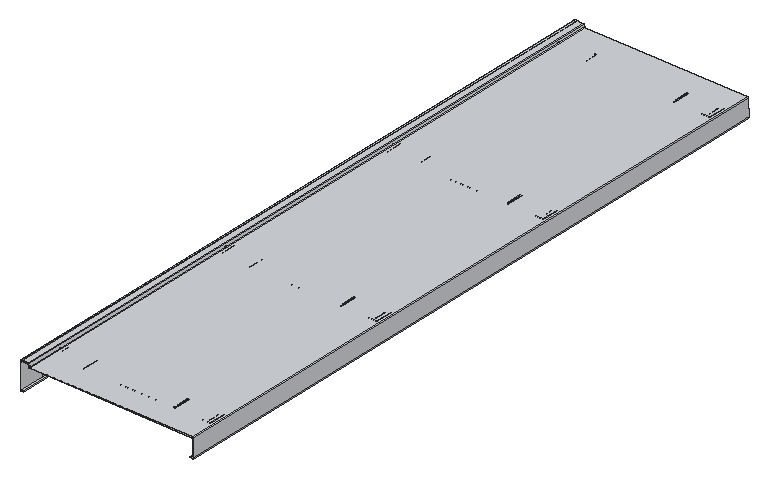
Revit family "ATBB500", category 一般モデル, Revit 2020
Family settings
  鉄筋をホスト可能 = いいえ
  丸型コネクタ寸法 = 直径を使用
  パーツ タイプ = 標準
  作業面ベース = いいえ
  常に垂直 = はい
  ロード時にボイドで切り取り = いいえ
  共有 = いいえ
  部屋計算ポイント = いいえ
Parameters
  笠木長さ [instance] = 2000 mm
  既定の高さ = 0 mm
  定尺笠木長さ = 4000 mm
  固定金具数 [instance] = 4
  判定 [instance] = if(笠木長さ > 4000 mm, 定尺笠木長さ, 笠木長さ)  # 2000 mm
Reference planes
  plane 1 "中心(正面/背面)": y = 0
  plane 2: z = 0
  plane 3 "中心(左/右)": x = 0
  plane 4: y = -2000
  plane 5: y = -100
  plane 6: y = -1900
  plane 7: z = -43
  plane 8: x = -250
  plane 9: x = 250
Forms (mm)
  Extrusion 1, solid
    sketch origin (-852, 0, -951.638) x (1, 0, 0) y (0, 0, 1)
      loop
        arc (602, 910.657) -> (602.579, 909.231) -> (604, 908.638) r 2
        line (604, 908.638) -> (612, 908.638) -> (612, 910.638) -> (604, 910.638) -> (604, 984.477)
        arc (604, 984.477) -> (604.63, 985.934) -> (606.124, 986.473) r 2
        line (606.124, 986.473) -> (623.885, 985.759)
        arc (623.885, 985.759) -> (625.061, 985.284) -> (625.716, 984.197) r 2
        line (625.716, 984.197) -> (627.057, 978.164)
        arc (627.057, 978.164) -> (627.724, 977.098) -> (628.897, 976.641) r 2
        line (628.897, 976.641) -> (1098.111, 961.794)
        arc (1098.111, 961.794) -> (1099.447, 961.178) -> (1100, 959.816) r 2
        line (1100, 959.816) -> (1100, 910.638) -> (1092, 910.638) -> (1092, 908.638) -> (1100, 908.638)
        arc (1100, 908.638) -> (1101.414, 909.224) -> (1102, 910.638) r 2
        line (1102, 910.638) -> (1102, 961.718)
        arc (1102, 961.718) -> (1101.45, 963.095) -> (1100.103, 963.715) r 2
        line (1100.103, 963.715) -> (630.538, 978.577)
        arc (630.538, 978.577) -> (629.352, 979.027) -> (628.675, 980.1) r 2
        line (628.675, 980.1) -> (627.342, 986.099)
        arc (627.342, 986.099) -> (626.678, 987.222) -> (625.462, 987.698) r 2
        line (625.462, 987.698) -> (604.08, 988.557)
        arc (604.08, 988.557) -> (602.607, 987.995) -> (602, 986.54) r 2
        line (602, 986.54) -> (602, 910.657)
    from 0 to 2000
  Extrusion 2, solid, not visible
    sketch origin (35.778, 0, -73.472) x (1, 0, 0) y (0, 0, 1)
      loop
        arc (602, 910.657) -> (602.579, 909.231) -> (604, 908.638) r 2
        line (604, 908.638) -> (612, 908.638) -> (612, 910.638) -> (604, 910.638) -> (604, 984.477)
        arc (604, 984.477) -> (604.63, 985.934) -> (606.124, 986.473) r 2
        line (606.124, 986.473) -> (623.885, 985.759)
        arc (623.885, 985.759) -> (625.061, 985.284) -> (625.716, 984.197) r 2
        line (625.716, 984.197) -> (627.057, 978.164)
        arc (627.057, 978.164) -> (627.724, 977.098) -> (628.897, 976.641) r 2
        line (628.897, 976.641) -> (1098.111, 961.794)
        arc (1098.111, 961.794) -> (1099.447, 961.178) -> (1100, 959.816) r 2
        line (1100, 959.816) -> (1100, 910.638) -> (1092, 910.638) -> (1092, 908.638) -> (1100, 908.638)
        arc (1100, 908.638) -> (1101.414, 909.224) -> (1102, 910.638) r 2
        line (1102, 910.638) -> (1102, 961.718)
        arc (1102, 961.718) -> (1101.45, 963.095) -> (1100.103, 963.715) r 2
        line (1100.103, 963.715) -> (630.538, 978.577)
        arc (630.538, 978.577) -> (629.352, 979.027) -> (628.675, 980.1) r 2
        line (628.675, 980.1) -> (627.342, 986.099)
        arc (627.342, 986.099) -> (626.678, 987.222) -> (625.462, 987.698) r 2
        line (625.462, 987.698) -> (604.08, 988.557)
        arc (604.08, 988.557) -> (602.607, 987.995) -> (602, 986.54) r 2
        line (602, 986.54) -> (602, 910.657)
    from 0 to 250
Dimensions and locks
  "笠木長さ": plane 4 to plane 1 "中心(正面/背面)"
  locked: plane 5 to plane 1 "中心(正面/背面)" at 100
  locked: plane 6 to plane 4 at 100
  locked: plane 7 to plane 2 at 43
  plane 9 to plane 3 "中心(左/右)" = 250 mm
  locked: plane 8 to plane 3 "中心(左/右)" at 250
  locked: nested 1 to plane 1 "中心(正面/背面)" at 75
  equal spacing: group 2, group 4, group 5, group 3  (x2)
  equal spacing: group 3, group 5, group 4, group 2
  locked: nested 2 to plane 6 at 25
  "判定": Extrusion 1 to plane 1 "中心(正面/背面)"
  aligned and locked: level to plane 2
  aligned and locked: plane 7 to Extrusion 1
  aligned and locked: Extrusion 1 to plane 8
  aligned and locked: plane 4 to Extrusion 1
Automatic sketch dimensions
  Extrusion 1 sketch curve to plane 8 = 0 mm
  Extrusion 1 sketch curve to plane 7 = 0 mm  (x2)
  plane 8 to Extrusion 1 sketch curve = 2 mm  (x3)
  Extrusion 1 sketch curve to Extrusion 1 sketch curve = 0 mm  (x15)
  Extrusion 1 sketch curve to Extrusion 1 sketch curve = 2 mm  (x2)
  Extrusion 1 sketch curve to Extrusion 1 sketch curve = 0.124 mm
  Extrusion 1 sketch curve to plane 7 = 2 mm
  Extrusion 1 sketch curve to Extrusion 1 sketch curve = 8 mm
  Extrusion 1 sketch curve to Extrusion 1 sketch curve = 17.763 mm
  Extrusion 1 sketch curve to Extrusion 1 sketch curve = 0.122 mm
  Extrusion 1 sketch curve to Extrusion 1 sketch curve = 1.497 mm
  Extrusion 1 sketch curve to Extrusion 1 sketch curve = 3.294 mm
  Extrusion 1 sketch curve to Extrusion 1 sketch curve = 1.96 mm
  Extrusion 1 sketch curve to Extrusion 1 sketch curve = 1.618 mm
  Extrusion 1 sketch curve to Extrusion 1 sketch curve = 1.84 mm
  Extrusion 1 sketch curve to Extrusion 1 sketch curve = 0.325 mm
  Extrusion 1 sketch curve to Extrusion 1 sketch curve = 1.943 mm
  Extrusion 1 sketch curve to plane 9 = 10 mm
  Extrusion 1 sketch curve to plane 9 = 4 mm
  Extrusion 1 sketch curve to Extrusion 1 sketch curve = 0.111 mm
  Extrusion 1 sketch curve to plane 9 = 2 mm  (x2)
  Extrusion 1 sketch curve to Extrusion 1 sketch curve = 1.889 mm
  Extrusion 1 sketch curve to plane 9 = 1.897 mm
  Extrusion 1 sketch curve to Extrusion 1 sketch curve = 0.019 mm  (x3)
  level to Extrusion 1 sketch curve = 8.159 mm
  Extrusion 1 sketch curve to Extrusion 1 sketch curve = 0.076 mm
  Extrusion 1 sketch curve to Extrusion 1 sketch curve = 1.997 mm
  level to Extrusion 1 sketch curve = 25.003 mm
  Extrusion 1 sketch curve to Extrusion 1 sketch curve = 1.524 mm
  Extrusion 1 sketch curve to Extrusion 1 sketch curve = 1.462 mm
  Extrusion 1 sketch curve to Extrusion 1 sketch curve = 0.475 mm
  Extrusion 1 sketch curve to Extrusion 1 sketch curve = 3.663 mm
  Extrusion 1 sketch curve to Extrusion 1 sketch curve = 0.714 mm
  Extrusion 1 sketch curve to Extrusion 1 sketch curve = 1.936 mm
  Extrusion 1 sketch curve to Extrusion 1 sketch curve = 0.06 mm
  Extrusion 1 sketch curve to Extrusion 1 sketch curve = 0.4 mm
  Extrusion 1 sketch curve to Extrusion 1 sketch curve = 1.996 mm
  Extrusion 1 sketch curve to Extrusion 1 sketch curve = 0.067 mm
  Extrusion 1 sketch curve to Extrusion 1 sketch curve = 0.08 mm  (x2)
  Extrusion 1 sketch curve to Extrusion 1 sketch curve = 0.333 mm
  Extrusion 1 sketch curve to Extrusion 1 sketch curve = 0.001 mm  (x4)
  Extrusion 1 sketch curve to Extrusion 1 sketch curve = 1.538 mm
  plane 9 to Extrusion 1 sketch curve = 0 mm
Nested families
  nested 1: "ATAF500" at (0, -75, 0), type "ATAF500"
  nested 2: "ATAF500" at (0, -1875, 0), type "ATAF500"
  nested 3: "ATAF500" at (0, -675, 0), type "ATAF500"
  nested 4: "ATAF500" at (0, -1275, 0), type "ATAF500"
Definition of nested family "ATAF500"
  Parameters
    Default Elevation = 0 mm
  Reference planes
    plane 1 "中心(正面/背面)": y = 0
    plane 2: z = 0
    plane 3 "中心(左/右)": x = 0
  Forms (mm)
    Extrusion 1, solid
      sketch origin (-342.409, 0, -431.427) x (1, 0, 0) y (0, 0, 1)
        loop
          line (558.409, 443.888) -> (558.409, 438.977)
          arc (558.409, 438.977) -> (557.734, 437.479) -> (556.165, 436.992) r 2
          line (556.165, 436.992) -> (542.391, 438.627) -> (530.658, 438.627) -> (478.409, 438.627) -> (478.409, 446.557) -> (474.219, 446.696) -> (473.828, 443.505) -> (473.924, 446.396) -> (342.409, 449.929) -> (214.169, 453.372) -> (213.908, 443.679) -> (213.908, 453.687) -> (209.408, 453.837) -> (209.408, 438.627) -> (152.259, 438.627) -> (142.837, 438.626) -> (133.682, 437.957)
          arc (133.682, 437.957) -> (130.679, 439.023) -> (129.408, 441.946) r 4
          line (129.408, 441.946) -> (129.406, 447.445) -> (128.408, 456.05) -> (104.408, 457.327) -> (94.408, 398.722) -> (94.408, 393.747) -> (96.232, 393.747) -> (107.597, 448.672)
          arc (107.597, 448.672) -> (108.88, 450.729) -> (111.192, 451.458) r 3.5
          line (111.192, 451.458) -> (121.523, 450.908)
          arc (121.523, 450.908) -> (123.216, 450.138) -> (123.908, 448.411) r 2.5
          line (123.908, 448.411) -> (123.908, 431.427) -> (213.908, 431.427) -> (213.908, 443.484) -> (473.64, 436.507) -> (473.909, 439.312) -> (473.909, 431.427) -> (564.009, 431.427) -> (564.009, 436.501)
          arc (564.009, 436.501) -> (564.97, 437.632) -> (566.402, 438.019) r 2.5
          line (566.402, 438.019) -> (574.425, 437.753)
          arc (574.425, 437.753) -> (576.464, 437.013) -> (577.675, 435.214) r 3.5
          line (577.675, 435.214) -> (588.409, 397.515) -> (588.409, 393.747) -> (590.409, 393.747) -> (590.401, 400.781) -> (580.409, 443.157) -> (558.409, 443.888)
      from 0 to 50
  Dimensions and locks
    Extrusion 1 to plane 3 "中心(左/右)" = 0 mm
    Extrusion 1 to level = 0 mm
    aligned and locked: level to plane 2
